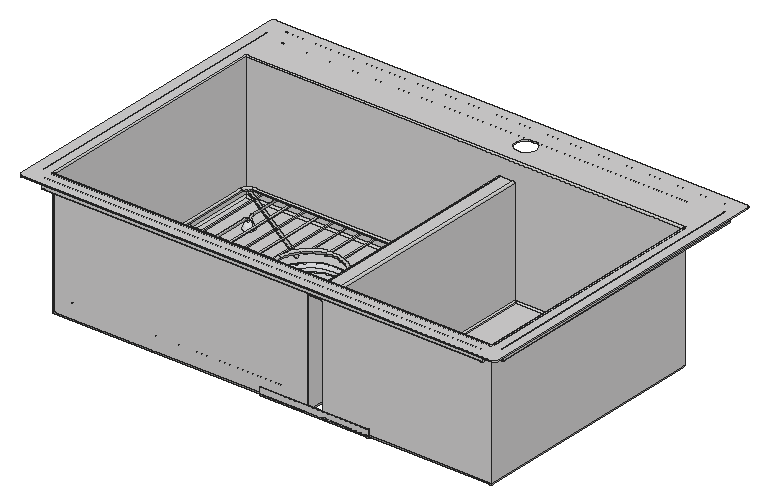
Revit family "Sink-Kitchen-KOHLER-Vault-K-3823_1", category Plumbing Fixtures, host Face, Revit 2015
Parameters (values of type "Single Hole,NA-Stainless")
  Width = 22"  # constant formula
  WaterSense Certified = 1 = 0  # no
  Waste Water Outlet 2 = "Waste Water Outlet 2"  # constant formula
  Waste Water Outlet 1 = "Waste Water Outlet 1"  # constant formula
  Waste Connection = 1 = 1  # yes
  Vent Connection = 1 = 0  # no
  Under Mount [instance] = no
  URL = "https://www.us.kohler.com/us/"
  Type = 1
  Top Mount [instance] = not(Under Mount)  # yes
  Single Faucet Hole = Type = 1  # yes
  Product Page URL = "http://www.us.kohler.com/us/catalog/productDetails.jsp?productNumber=3823-1"
  Product Name = "Vault"  # constant formula
  Product Documentation Link = "https://www.us.kohler.com/webassets/kpna/catalog/pdf/en/K-3823-1_spec.pdf"
  Model = if(Type = 1, "K-3823-1-NA", if(Type = 2, "K-3823-4-NA", if(Type = 3, "K-3823-3-NA", "NA")))  # "K-3823-1-NA"
  Material = "18-Gauge Stainless Steel"  # constant formula
  MasterFormat 2004 = "22.41.16"  # constant formula
  MasterFormat 1995 = "15410"  # constant formula
  Manufacturer Address = "444 Highland Dr, Kohler, WI 53044"  # constant formula
  Manufacturer = "KOHLER Co."  # constant formula
  Length = 33"  # constant formula
  Hot Water Inlet = "Hot Water Inlet"  # constant formula
  Height = 9 5/16"  # constant formula
  HW Connection = 1 = 0  # no
  Fourth Hole = if([4 Faucet Hole], 6 1/2", 0")  # 0"
  Finish = Kohler-Metal-NA-Stainless
  Faucet Hole Spacing = if(or([3 Faucet Hole], [4 Faucet Hole]), 8", 0")  # 0"
  Environmental Product Declaration = ""
  Drain Included = 1 = 0  # no
  Description = if(Single Faucet Hole, "33 inch x 22 inch x 9-5/16 inch top-/under-mount large/medium double-bowl kitchen sink with single faucet hole", if([4 Faucet Hole], "33 inch x 22 inch x 9-5/16 inch top-/under-mount large/medium double-bowl kitchen sink with 4 faucet hole", if([3 Faucet Hole], "33 inch x 22 inch x 9-5/16 inch top-/under-mount large/medium double-bowl kitchen sink with 3 faucet hole", "NA")))  # "33 inch x 22 inch x 9-5/16 inch top-/under-mount large/medium double-bowl kitchen sink with single faucet hole"
  Depth [instance] = if(Under Mount, 1 1/16", 0")  # 0"
  Default Elevation = 36"
  Declare Label = ""
  Date Modified = "04/22/2019"  # constant formula
  Date Created = "04/22/2019"  # constant formula
  Copyright = "Copyright KOHLER Co."  # constant formula
  Contact Us = "https://www.us.kohler.com/us/static/contact.jsp"
  Cold Water Inlet = "Cold Water Inlet"  # constant formula
  CW Connection = 1 = 0  # no
  Assembly Code = "D2010400"
  ADA Compliant = 1 = 0  # no
  3 Faucet Hole = Type = 3  # no
  4 Faucet Hole = Type = 2  # no
Reference planes (in)
  plane 1 "Center (Front/Back)": y = 0
  plane 2: z = 0
  plane 3 "Center (Left/Right)": x = 0
  plane 4: x = 2.9375
  plane 5: x = 16.5
  plane 6: x = -16.5
  plane 7: y = 11
  plane 8: y = 8.5625
  plane 9: y = 6.9375
  plane 10: y = -11
  plane 11: y = 1.5
  plane 12: x = -6.375
  plane 13: x = 9.3125
  plane 14: z = -9.25
  plane 15: x = 16.5
  plane 16: z = 0
  plane 17: z = -11.93722
  plane 18: z = 0.0625
  plane 19: z = -0.6022
  plane 20: x = 2.9375
  plane 21: x = 2.9375
  plane 22: x = 2.9375
Forms (in)
  Extrusion 1, void
    sketch origin (0, 0, 0) x (1, 0, 0) y (0, 1, 0)
      loop
        line (-15.18281, 6.973) -> (-15.18281, -9.67164) -> (15.18117, -9.67164) -> (15.18117, 6.973) -> (-15.18281, 6.973)
    from -2.77768 to 0
  Extrusion 2, void
    sketch origin (0, 0, 0) x (1, 0, 0) y (0, 1, 0)
      loop
        line (16.26474, -10.51909) -> (16.26474, 10.50688)
        arc (16.26474, 10.50688) -> (16.19152, 10.68366) -> (16.01474, 10.75688) r 0.25
        line (16.01474, 10.75688) -> (-16.04465, 10.75688)
        arc (-16.04465, 10.75688) -> (-16.22143, 10.68366) -> (-16.29465, 10.50688) r 0.25
        line (-16.29465, 10.50688) -> (-16.29465, -10.51909)
        arc (-16.29465, -10.51909) -> (-16.22143, -10.69587) -> (-16.04465, -10.76909) r 0.25
        line (-16.04465, -10.76909) -> (16.01474, -10.76909)
        arc (16.01474, -10.76909) -> (16.19152, -10.69587) -> (16.26474, -10.51909) r 0.25
    from -11.93722 to 0
Dimensions and locks (in)
  "Length": plane 6 to plane 15
  "Width": plane 10 to plane 7
  plane 8 to plane 7 = 2 7/16"
  plane 9 to plane 7 = 4 1/16"
  plane 11 to plane 7 = 9 1/2"
  plane 12 to plane 4 = 9 5/16"
  plane 4 to plane 13 = 6 3/8"
  locked: plane 14 to plane 17 at 2.68722
  "Height": plane 18 to plane 14
  "Depth": level to plane 16
  locked: plane 18 to plane 16 at 0.0625
  locked: plane 18 to plane 19 at 0.6647
  equal spacing: plane 20, plane 4, plane 21
  "Faucet Hole Spacing": plane 20 to plane 21
  "Fourth Hole": plane 21 to plane 22
  plane 4 to plane 15 = 13 9/16"
  plane 6 to plane 4 = 19 7/16"
  aligned and locked: plane 2 to host face
  aligned and locked: plane 8 to nested 1
  aligned and locked: plane 16 to nested 1
  aligned and locked: plane 16 to Extrusion 2
  aligned and locked: plane 17 to Extrusion 2
Automatic sketch dimensions
  host sketch curve to host sketch curve = 96"  (x2)
  plane 6 to Extrusion 1 sketch curve = 1.31719"
  plane 5 to Extrusion 1 sketch curve = 1.31883"
  plane 10 to Extrusion 1 sketch curve = 1.32836"
  Extrusion 1 sketch curve to plane 9 = 0.0355"
  plane 6 to Extrusion 2 sketch curve = 0.20535"
  plane 7 to Extrusion 2 sketch curve = 0.24312"
  plane 10 to Extrusion 2 sketch curve = 0.23091"
  plane 5 to Extrusion 2 sketch curve = 0.23526"
  plane 6 to Extrusion 2 sketch curve = 0.45535"  (x2)
  Extrusion 2 sketch curve to Extrusion 2 sketch curve = 1/4"  (x2)
Nested families (in)
  nested 1: "K-3823" at (0, 0, 0), type "K-3823"
Connectors (in)
  piping at (-6.375, 1.5, -11.93722), diameter 1.5, driven by "Waste Connection", driven by "Waste Water Outlet 1"
    settings: on nested 1, index 1, connector inside diameter 24", connector length 0", flow factor 0, pipe flow 0 GPM, pressure drop 0.00 psi, fitting loss kfactor 0, connector angle 0.00°, fixture units 0, engagement length 0", angle of deflection 0.00°, flow configuration 0, flow direction 2, fitting loss method 0, system type 16, joint type 0, gender type 0, connector reference index -1, connector utility 1, adjustable connector no, is connector primary yes, connector description "Waste Water Outlet 1"
  piping at (9.3125, 1.5, -11.93722), diameter 1.5, driven by "Waste Connection", driven by "Waste Water Outlet 2"
    settings: on nested 1, index 2, connector inside diameter 24", connector length 0", flow factor 0, pipe flow 0 GPM, pressure drop 0.00 psi, fitting loss kfactor 0, connector angle 0.00°, fixture units 0, engagement length 0", angle of deflection 0.00°, flow configuration 0, flow direction 2, fitting loss method 0, system type 16, joint type 0, gender type 0, connector reference index -1, connector utility 1, adjustable connector no, is connector primary no, connector description "Waste Water Outlet 2"
Definition of nested family "K-3823"
  Parameters (values of type "K-3823")
    Material = none
    Dist 2 = if([4 Faucet Hole], 0", 4")  # 4"
    Dist 1 = if(or([3 Faucet Hole], [4 Faucet Hole]), 0", 4")  # 4"
    4 Faucet Hole = no
    3 Faucet Hole = no
  Reference planes (in)
    plane 1 "Center (Front/Back)": y = 0
    plane 2: z = 0
    plane 3 "Center (Left/Right)": x = 0
    plane 4: x = -16.5
    plane 5: x = 16.5
    plane 6: z = 0.0625
    plane 7: x = 2.9375
    plane 8: y = 11
    plane 9: y = 6.9375
    plane 10: y = -11
    plane 11: y = 1.5
    plane 12: y = 8.5625
    plane 13: x = 9.3125
    plane 14: x = -6.375
    plane 15: x = 6.9375
    plane 16: x = -1.0625
    plane 17: x = 13.4375
    plane 18: z = -0.6022
    plane 19: y = 4.5625
    plane 20: y = 4.5625
    plane 21: z = -9.25
    plane 22: z = -11.93722
  Forms (in)
    Extrusion 1, solid, material <- "Material", detail levels medium+fine
      sketch origin (0, 0, 0) x (1, 0, 0) y (0, 1, 0)
        loop
          arc (-16.25, 11) -> (-16.42678, 10.92678) -> (-16.5, 10.75) r 0.25
          line (-16.5, 10.75) -> (-16.5, -10.75)
          arc (-16.5, -10.75) -> (-16.42678, -10.92678) -> (-16.25, -11) r 0.25
          line (-16.25, -11) -> (16.25, -11)
          arc (16.25, -11) -> (16.42678, -10.92678) -> (16.5, -10.75) r 0.25
          line (16.5, -10.75) -> (16.5, 10.75)
          arc (16.5, 10.75) -> (16.42678, 10.92678) -> (16.25, 11) r 0.25
          line (16.25, 11) -> (-16.25, 11)
        loop
          line (-15.31608, 7.11608) -> (-15.31608, -9.81608) -> (15.31608, -9.81608) -> (15.31608, 7.11608) -> (-15.31608, 7.11608)
      from 0 to 0.0625
    Extrusion 2, solid, material <- "Material", detail levels medium+fine
      sketch origin (0, 0, 0) x (0, 1, 0) y (0, 0, 1)
        loop
          line (10.22321, -0.02705) -> (10.13334, -0.18308)
          arc (10.13334, -0.18308) -> (10.12712, -0.19813) -> (10.125, -0.21427) r 0.0625
          line (10.125, -0.21427) -> (10.125, -0.54376)
          arc (10.125, -0.54376) -> (10.18226, -0.60001) -> (10.23851, -0.54376) r 0.05625
          line (10.23851, -0.54376) -> (10.23851, -0.385) -> (10.20609, -0.385) -> (10.20609, -0.54924)
          arc (10.20609, -0.54924) -> (10.1781, -0.56944) -> (10.15503, -0.54376) r 0.02582
          line (10.15503, -0.54376) -> (10.155, -0.22229)
          arc (10.155, -0.22229) -> (10.15712, -0.20615) -> (10.16334, -0.1911) r 0.0625
          line (10.16334, -0.1911) -> (10.24598, -0.04761)
          arc (10.24598, -0.04761) -> (10.25885, -0.03472) -> (10.27645, -0.03) r 0.03516
          line (10.27645, -0.03) -> (10.39956, -0.03)
          arc (10.39956, -0.03) -> (10.41628, -0.03449) -> (10.42851, -0.04674) r 0.03341
          line (10.42851, -0.04674) -> (10.51141, -0.19066)
          arc (10.51141, -0.19066) -> (10.51781, -0.20617) -> (10.52, -0.2228) r 0.0644
          line (10.52, -0.2228) -> (10.52, -0.54376)
          arc (10.52, -0.54376) -> (10.49418, -0.56959) -> (10.46835, -0.54376) r 0.02582
          line (10.46835, -0.54376) -> (10.46835, -0.385) -> (10.4375, -0.385) -> (10.4375, -0.54376)
          arc (10.4375, -0.54376) -> (10.49375, -0.60001) -> (10.55, -0.54376) r 0.05625
          line (10.55, -0.54376) -> (10.55, -0.21441)
          arc (10.55, -0.21441) -> (10.54786, -0.19813) -> (10.54159, -0.18296) r 0.06301
          line (10.54159, -0.18296) -> (10.45179, -0.02705)
          arc (10.45179, -0.02705) -> (10.43202, -0.00725) -> (10.405, 0) r 0.054
          line (10.405, 0) -> (10.27, 0)
          arc (10.27, 0) -> (10.24298, -0.00725) -> (10.22321, -0.02705) r 0.054
        loop
          arc (-10.22321, -0.02705) -> (-10.24298, -0.00725) -> (-10.27, 0) r 0.054
          line (-10.27, 0) -> (-10.405, 0)
          arc (-10.405, 0) -> (-10.43202, -0.00725) -> (-10.45179, -0.02705) r 0.054
          line (-10.45179, -0.02705) -> (-10.54159, -0.18296)
          arc (-10.54159, -0.18296) -> (-10.54786, -0.19813) -> (-10.55, -0.21441) r 0.06301
          line (-10.55, -0.21441) -> (-10.55, -0.54376)
          arc (-10.55, -0.54376) -> (-10.49375, -0.60001) -> (-10.4375, -0.54376) r 0.05625
          line (-10.4375, -0.54376) -> (-10.4375, -0.385) -> (-10.46835, -0.385) -> (-10.46835, -0.54376)
          arc (-10.46835, -0.54376) -> (-10.49418, -0.56959) -> (-10.52, -0.54376) r 0.02582
          line (-10.52, -0.54376) -> (-10.52, -0.2228)
          arc (-10.52, -0.2228) -> (-10.51781, -0.20617) -> (-10.51141, -0.19066) r 0.0644
          line (-10.51141, -0.19066) -> (-10.42851, -0.04674)
          arc (-10.42851, -0.04674) -> (-10.41628, -0.03449) -> (-10.39956, -0.03) r 0.03341
          line (-10.39956, -0.03) -> (-10.27645, -0.03)
          arc (-10.27645, -0.03) -> (-10.25885, -0.03472) -> (-10.24598, -0.04761) r 0.03516
          line (-10.24598, -0.04761) -> (-10.16334, -0.1911)
          arc (-10.16334, -0.1911) -> (-10.15712, -0.20615) -> (-10.155, -0.22229) r 0.0625
          line (-10.155, -0.22229) -> (-10.15503, -0.54376)
          arc (-10.15503, -0.54376) -> (-10.1781, -0.56944) -> (-10.20609, -0.54924) r 0.02582
          line (-10.20609, -0.54924) -> (-10.20609, -0.385) -> (-10.2375, -0.385) -> (-10.2375, -0.54566)
          arc (-10.2375, -0.54566) -> (-10.18033, -0.6) -> (-10.125, -0.54376) r 0.05625
          line (-10.125, -0.54376) -> (-10.125, -0.21427)
          arc (-10.125, -0.21427) -> (-10.12712, -0.19813) -> (-10.13334, -0.18308) r 0.0625
          line (-10.13334, -0.18308) -> (-10.22321, -0.02705)
      from -15.25 to 15.25
    Extrusion 3, solid, material <- "Material", detail levels medium+fine
      sketch origin (0, 0, 0) x (1, 0, 0) y (0, 0, 1)
        loop
          line (16.05, -0.54376) -> (16.05, -0.21741)
          arc (16.05, -0.21741) -> (16.04748, -0.19823) -> (16.0401, -0.18036) r 0.07422
          line (16.0401, -0.18036) -> (15.95111, -0.02587)
          arc (15.95111, -0.02587) -> (15.93221, -0.00693) -> (15.90636, 0) r 0.05165
          line (15.90636, 0) -> (15.76814, 0)
          arc (15.76814, 0) -> (15.74273, -0.00682) -> (15.72413, -0.02544) r 0.05078
          line (15.72413, -0.02544) -> (15.6351, -0.18003)
          arc (15.6351, -0.18003) -> (15.62757, -0.19825) -> (15.625, -0.21779) r 0.07565
          line (15.625, -0.21779) -> (15.625, -0.54376)
          arc (15.625, -0.54376) -> (15.68372, -0.60248) -> (15.74243, -0.54376) r 0.05872
          line (15.74243, -0.54376) -> (15.74243, -0.385) -> (15.7075, -0.385) -> (15.7075, -0.54376)
          arc (15.7075, -0.54376) -> (15.68125, -0.57001) -> (15.655, -0.54376) r 0.02625
          line (15.655, -0.54376) -> (15.655, -0.22229)
          arc (15.655, -0.22229) -> (15.65712, -0.20615) -> (15.66334, -0.1911) r 0.0625
          line (15.66334, -0.1911) -> (15.74707, -0.04572)
          arc (15.74707, -0.04572) -> (15.75856, -0.03421) -> (15.77426, -0.03) r 0.03138
          line (15.77426, -0.03) -> (15.90145, -0.03)
          arc (15.90145, -0.03) -> (15.91653, -0.03405) -> (15.92757, -0.0451) r 0.03014
          line (15.92757, -0.0451) -> (16.01189, -0.1915)
          arc (16.01189, -0.1915) -> (16.01794, -0.20613) -> (16.02, -0.22183) r 0.06078
          line (16.02, -0.22183) -> (16.02, -0.54376)
          arc (16.02, -0.54376) -> (15.99375, -0.57001) -> (15.9675, -0.54376) r 0.02625
          line (15.9675, -0.54376) -> (15.9675, -0.385) -> (15.93257, -0.385) -> (15.93257, -0.54376)
          arc (15.93257, -0.54376) -> (15.99128, -0.60248) -> (16.05, -0.54376) r 0.05872
      from -9.77489 to 9.75
    Extrusion 4, solid, material <- "Material", detail levels medium+fine
      sketch origin (0, 0, 0) x (-1, 0, 0) y (0, 0, -1)
        loop
          arc (16.05, 0.5438) -> (15.99128, 0.60252) -> (15.93257, 0.5438) r 0.05872
          line (15.93257, 0.5438) -> (15.93257, 0.385) -> (15.9675, 0.385) -> (15.9675, 0.54376)
          arc (15.9675, 0.54376) -> (15.99375, 0.57001) -> (16.02, 0.54376) r 0.02625
          line (16.02, 0.54376) -> (16.02, 0.22183)
          arc (16.02, 0.22183) -> (16.01794, 0.20613) -> (16.01189, 0.1915) r 0.06078
          line (16.01189, 0.1915) -> (15.92757, 0.0451)
          arc (15.92757, 0.0451) -> (15.91653, 0.03405) -> (15.90145, 0.03) r 0.03014
          line (15.90145, 0.03) -> (15.77426, 0.03)
          arc (15.77426, 0.03) -> (15.75856, 0.03421) -> (15.74707, 0.04572) r 0.03138
          line (15.74707, 0.04572) -> (15.66334, 0.1911)
          arc (15.66334, 0.1911) -> (15.65712, 0.20615) -> (15.655, 0.22229) r 0.0625
          line (15.655, 0.22229) -> (15.655, 0.54376)
          arc (15.655, 0.54376) -> (15.68125, 0.57001) -> (15.7075, 0.54376) r 0.02625
          line (15.7075, 0.54376) -> (15.7075, 0.385) -> (15.74243, 0.385) -> (15.74243, 0.54376)
          arc (15.74243, 0.54376) -> (15.68372, 0.60248) -> (15.625, 0.54376) r 0.05872
          line (15.625, 0.54376) -> (15.625, 0.21779)
          arc (15.625, 0.21779) -> (15.62757, 0.19825) -> (15.6351, 0.18003) r 0.07565
          line (15.6351, 0.18003) -> (15.72413, 0.02544)
          arc (15.72413, 0.02544) -> (15.74273, 0.00682) -> (15.76814, 0) r 0.05078
          line (15.76814, 0) -> (15.90636, 0)
          arc (15.90636, 0) -> (15.93221, 0.00693) -> (15.95111, 0.02587) r 0.05165
          line (15.95111, 0.02587) -> (16.0401, 0.18036)
          arc (16.0401, 0.18036) -> (16.04748, 0.19823) -> (16.05, 0.21741) r 0.07422
          line (16.05, 0.21741) -> (16.05, 0.5438)
      from -9.77489 to 9.75
    Sweep 5, solid, material <- "Material", detail levels medium+fine
      path in 3D
        loop
          line (-15.25, -9.75, 0.0625) -> (-15.25, 7.05, 0.0625) -> (15.25, 7.05, 0.0625) -> (15.25, -9.75, 0.0625) -> (-15.25, -9.75, 0.0625)
      profile origin (0, -9.75, 0.0625) x (0, -1, 0) y (0, 0, 1)
        loop
          line (-0.125, -0.09385) -> (-0.125, -8.57659)
          arc (-0.125, -8.57659) -> (-0.15979, -8.66056) -> (-0.24376, -8.69535) r 0.11876
          line (-0.24376, -8.69535) -> (-0.28386, -8.69535) -> (-0.28386, -8.74352) -> (-0.25064, -8.74352)
          arc (-0.25064, -8.74352) -> (-0.12786, -8.69266) -> (-0.077, -8.56988) r 0.17364
          line (-0.077, -8.56988) -> (-0.077, -0.13085)
          arc (-0.077, -0.13085) -> (-0.05698, -0.08252) -> (-0.00865, -0.0625) r 0.06835
          line (-0.00865, -0.0625) -> (0.06608, -0.0625) -> (0.06608, 0) -> (-0.03115, 0)
          arc (-0.03115, 0) -> (-0.09751, -0.02749) -> (-0.125, -0.09385) r 0.09385
    Extrusion 6, void
      sketch origin (0, 0, 0) x (1, 0, 0) y (0, 0, 1)
        loop
          arc (3.452, -1.32634) -> (3.42964, -1.27237) -> (3.37567, -1.25001) r 0.07633
          line (3.37567, -1.25001) -> (2.50113, -1.25001)
          arc (2.50113, -1.25001) -> (2.44588, -1.27289) -> (2.423, -1.32814) r 0.07813
          line (2.423, -1.32814) -> (2.423, -9.04508) -> (3.452, -9.04508) -> (3.452, -1.32634)
      from -7.24298 to 9.90734
    Extrusion 7, solid, material <- "Material", detail levels medium+fine
      sketch origin (0, 0, 0) x (1, 0, 0) y (0, 0, 1)
        loop
          arc (3.452, -8.5077) -> (3.50072, -8.62827) -> (3.61952, -8.68116) r 0.17357
          line (3.61952, -8.68116) -> (3.61952, -8.63285)
          arc (3.61952, -8.63285) -> (3.53513, -8.59908) -> (3.5, -8.51524) r 0.11762
          line (3.5, -8.51524) -> (3.5, -1.32701)
          arc (3.5, -1.32701) -> (3.46339, -1.23862) -> (3.375, -1.20201) r 0.125
          line (3.375, -1.20201) -> (2.5, -1.20201)
          arc (2.5, -1.20201) -> (2.41161, -1.23862) -> (2.375, -1.32701) r 0.125
          line (2.375, -1.32701) -> (2.375, -8.51524)
          arc (2.375, -8.51524) -> (2.33987, -8.59908) -> (2.25548, -8.63285) r 0.11762
          line (2.25548, -8.63285) -> (2.25548, -8.68116)
          arc (2.25548, -8.68116) -> (2.37428, -8.62827) -> (2.423, -8.5077) r 0.17357
          line (2.423, -8.5077) -> (2.423, -1.32814)
          arc (2.423, -1.32814) -> (2.44588, -1.27289) -> (2.50113, -1.25001) r 0.07813
          line (2.50113, -1.25001) -> (3.37567, -1.25001)
          arc (3.37567, -1.25001) -> (3.42964, -1.27237) -> (3.452, -1.32634) r 0.07633
          line (3.452, -1.32634) -> (3.452, -8.5077)
      from -6.925 to 9.625
    Blend 8, solid, material <- "Material", detail levels medium+fine
      base sketch origin (0, 0, 0) x (1, 0, 0) y (0, 1, 0)
        loop
          arc (-7.71872, -0.19899) -> (-6.36998, -0.66669) -> (-5.02303, -0.19385) r 2.1667
          arc (-5.02303, -0.19385) -> (-4.23995, 1.12594) -> (-4.52749, 2.63339) r 2.1667
          arc (-4.52749, 2.63339) -> (-6.37154, 3.66669) -> (-8.21804, 2.63776) r 2.1667
          arc (-8.21804, 2.63776) -> (-8.508, 1.1244) -> (-7.71872, -0.19899) r 2.1667
      top sketch origin (0, 0, 0) x (1, 0, 0) y (0, 1, 0)
        loop
          line (-14.96614, 6.76614) -> (-14.96614, -9.46614) -> (2.25548, -9.46614) -> (2.25548, 6.76614) -> (-14.96614, 6.76614)
      from -8.997 to -8.68103
    Blend 9, solid, material <- "Material", detail levels medium+fine
      base sketch origin (0, 0, 0) x (1, 0, 0) y (0, 1, 0)
        loop
          arc (7.7348, 2.98692) -> (7.1744, 1.14139) -> (8.30627, -0.42031) r 2.16797
          arc (8.30627, -0.42031) -> (9.32317, -0.66794) -> (10.33758, -0.41031) r 2.16797
          arc (10.33758, -0.41031) -> (11.4514, 1.14615) -> (10.89819, 2.9784) r 2.16797
          arc (10.89819, 2.9784) -> (9.31834, 3.66796) -> (7.7348, 2.98692) r 2.16797
      top sketch origin (0, 0, 0) x (1, 0, 0) y (0, 1, 0)
        loop
          line (3.61952, 6.76614) -> (3.61952, -9.46614) -> (14.96614, -9.46614) -> (14.96614, 6.76614) -> (3.61952, 6.76614)
      from -8.92555 to -8.68103
    Extrusion 10, solid, material <- "Material", detail levels medium+fine
      sketch origin (0, 0, 0) x (0, 1, 0) y (0, 0, 1)
        loop
          line (-9.721, -8.117) -> (-9.721, -8.55359)
          arc (-9.721, -8.55359) -> (-9.67226, -8.67423) -> (-9.5534, -8.72715) r 0.17366
          line (-9.5534, -8.72715) -> (-9.11707, -8.74238) -> (-9.11526, -8.69056) -> (-9.50765, -8.67991)
          arc (-9.50765, -8.67991) -> (-9.62484, -8.62855) -> (-9.673, -8.51001) r 0.16996
          line (-9.673, -8.51001) -> (-9.673, -8.117) -> (-9.721, -8.117)
      from -0.8125 to 6.6875
    Extrusion 11, solid, material <- "Material", detail levels medium+fine
      sketch origin (0, -2.69922, 0) x (0, -1, 0) y (0, 0, -1)
        loop
          line (-9.721, 8.117) -> (-9.67222, 8.117) -> (-9.67222, 8.49805)
          arc (-9.67222, 8.49805) -> (-9.62688, 8.61517) -> (-9.51451, 8.67126) r 0.17397
          line (-9.51451, 8.67126) -> (-9.1159, 8.70868) -> (-9.11794, 8.76715) -> (-9.51051, 8.73029)
          arc (-9.51051, 8.73029) -> (-9.66049, 8.65544) -> (-9.721, 8.49912) r 0.23219
          line (-9.721, 8.49912) -> (-9.721, 8.117)
      from -0.8125 to 6.6875
    Extrusion 12, solid, material <- "Material", detail levels medium+fine
      sketch origin (0, 0, 0) x (1, 0, 0) y (0, 0, 1)
        loop
          circle (-2.94217, -7.89895) r 0.05252
        loop
          circle (-1.96561, -7.89895) r 0.05252
        loop
          circle (-0.98124, -7.89895) r 0.05252
        loop
          circle (-6.86121, -7.89895) r 0.05252
        loop
          circle (-5.88465, -7.89895) r 0.05252
        loop
          circle (-4.90028, -7.89895) r 0.05252
        loop
          circle (-3.92371, -7.89895) r 0.05252
        loop
          circle (-10.7807, -7.89895) r 0.05252
        loop
          circle (-9.80414, -7.89895) r 0.05252
        loop
          circle (-8.81976, -7.89895) r 0.05252
        loop
          circle (-7.8432, -7.89895) r 0.05252
        loop
          circle (-11.76709, -7.89895) r 0.05252
        loop
          circle (0.97189, -7.89895) r 0.05252
        loop
          circle (-13.72022, -7.89895) r 0.05252
      from -6.52 to 9.23
    Sweep 13, solid, material <- "Material", detail levels medium+fine
      path origin (0, 0, 0) x (1, 0, 0) y (0, 1, 0)
        loop
          arc (-14.25579, 6.61652) -> (-14.67288, 6.44376) -> (-14.84564, 6.02668) r 0.58984
          line (-14.84564, 6.02668) -> (-14.84564, -8.73468)
          arc (-14.84564, -8.73468) -> (-14.67288, -9.15177) -> (-14.25579, -9.32453) r 0.58984
          line (-14.25579, -9.32453) -> (1.50579, -9.32453)
          arc (1.50579, -9.32453) -> (1.92288, -9.15177) -> (2.09564, -8.73468) r 0.58984
          line (2.09564, -8.73468) -> (2.09564, 6.02567)
          arc (2.09564, 6.02567) -> (1.92258, 6.44346) -> (1.50478, 6.61652) r 0.59085
          line (1.50478, 6.61652) -> (-14.25579, 6.61652)
      profile origin (-6.37551, 6.61652, 0) x (0, 1, 0) y (0, 0, 1)
        loop
          circle (-0.09652, -7.75201) r 0.09374
    Sweep 14, solid, material <- "Material", detail levels medium+fine
      path origin (0, 0, 0) x (1, 0, 0) y (0, 1, 0)
        loop
          circle (-6.375, 1.5) r 2
      profile origin (-6.375, 3.5, 0) x (0, -1, 0) y (0, 0, 1)
        loop
          circle (-0.11088, -7.75198) r 0.09437
    Extrusion 15, solid, material <- "Material", detail levels medium+fine
      sketch origin (-3.67948, -4.46865, 0) x (0.792874, 0.609386, 0) y (0, 0, 1)
        loop
          circle (1.52052, -8.04479) r 0.09356
      from -4.39912 to 7.10935
    Extrusion 16, solid, material <- "Material", detail levels medium+fine
      sketch origin (-0.16534, 3.58104, 0) x (-0.526481, 0.850187, 0) y (0, 0, 1)
        loop
          circle (1.52052, -8.04479) r 0.09356
      from -4.25726 to 3.12294
    Extrusion 17, solid, material <- "Material", detail levels medium+fine
      sketch origin (0, -0.02148, 0) x (0, 1, 0) y (0, 0, 1)
        loop
          circle (1.52088, -8.04327) r 0.09282
      from -4.2031 to 2.08918
    Extrusion 18, solid, material <- "Material", detail levels medium+fine
      sketch origin (-12.58466, 3.58104, 0) x (0.526481, 0.850187, 0) y (0, 0, -1)
        loop
          circle (1.52052, 8.04479) r 0.09356
      from -4.25726 to 3.13525
    Extrusion 19, solid, material <- "Material", detail levels medium+fine
      sketch origin (-9.07052, -4.46865, 0) x (-0.792874, 0.609386, 0) y (0, 0, -1)
        loop
          circle (1.52052, 8.04479) r 0.09356
      from -4.42599 to 7.1015
    Extrusion 20, solid, material <- "Material", detail levels medium+fine
      sketch origin (-12.75, -0.02148, 0) x (0, 1, 0) y (0, 0, -1)
        loop
          circle (1.52088, 8.04327) r 0.09282
      from -4.2031 to 2.08847
    Revolve 21, solid, detail levels medium+fine
      sketch origin (0, -8.48828, 0.05469) x (1, 0, 0) y (0, 0, 1)
        loop
          line (-0.00467, -8.14125) -> (-0.00467, -8.69056) -> (0.35535, -8.69056)
          arc (0.35535, -8.69056) -> (0.27481, -8.41718) -> (0.15334, -8.15936) r 1.85524
          arc (0.15334, -8.15936) -> (0.14021, -8.14611) -> (0.1222, -8.14125) r 0.03582
          line (0.1222, -8.14125) -> (-0.00467, -8.14125)
        axis (-0.00467, -8.69056) -> (-0.00467, -8.14125)
      angle from 0 to 360
    Revolve 22, solid, detail levels medium+fine
      sketch origin (0, 4.23047, 0.05469) x (1, 0, 0) y (0, 0, 1)
        loop
          line (-0.00467, -8.14125) -> (-0.00467, -8.69056) -> (0.35535, -8.69056)
          arc (0.35535, -8.69056) -> (0.27481, -8.41718) -> (0.15334, -8.15936) r 1.85524
          arc (0.15334, -8.15936) -> (0.14021, -8.14611) -> (0.1222, -8.14125) r 0.03582
          line (0.1222, -8.14125) -> (-0.00467, -8.14125)
        axis (-0.00467, -8.69056) -> (-0.00467, -8.14125)
      angle from 0 to 360
    Revolve 23, solid, detail levels medium+fine
      sketch origin (-12.75, -8.48828, 0.05469) x (-1, 0, 0) y (0, 0, -1)
        loop
          line (-0.00467, 8.14125) -> (0.1222, 8.14125)
          arc (0.1222, 8.14125) -> (0.14021, 8.14611) -> (0.15334, 8.15936) r 0.03582
          arc (0.15334, 8.15936) -> (0.27481, 8.41718) -> (0.35535, 8.69056) r 1.85524
          line (0.35535, 8.69056) -> (-0.00467, 8.69056) -> (-0.00467, 8.14125)
        axis (-0.00467, 8.69056) -> (-0.00467, 8.14125)
      angle from 0 to 360
    Revolve 24, solid, detail levels medium+fine
      sketch origin (-12.75, 4.23047, 0.05469) x (-1, 0, 0) y (0, 0, -1)
        loop
          line (-0.00467, 8.14125) -> (0.1222, 8.14125)
          arc (0.1222, 8.14125) -> (0.14021, 8.14611) -> (0.15334, 8.15936) r 0.03582
          arc (0.15334, 8.15936) -> (0.27481, 8.41718) -> (0.35535, 8.69056) r 1.85524
          line (0.35535, 8.69056) -> (-0.00467, 8.69056) -> (-0.00467, 8.14125)
        axis (-0.00467, 8.69056) -> (-0.00467, 8.14125)
      angle from 0 to 360
    Revolve 25, solid, detail levels medium+fine
      sketch origin (2.9375, 1.49681, 0) x (-1, 0, 0) y (0, 0, -1)
        loop
          line (9.313, 8.56651) -> (9.57475, 8.56651)
          arc (9.57475, 8.56651) -> (9.60583, 8.59759) -> (9.57475, 8.62867) r 0.03108
          line (9.57475, 8.62867) -> (9.36766, 8.62867) -> (9.36766, 8.9672) -> (11.21799, 8.9672)
          arc (11.21799, 8.9672) -> (11.24958, 8.95754) -> (11.27036, 8.93187) r 0.05648
          line (11.27036, 8.93187) -> (11.33848, 8.76328)
          arc (11.33848, 8.76328) -> (11.42721, 8.64655) -> (11.5629, 8.59097) r 0.27888
          arc (11.5629, 8.59097) -> (11.5923, 8.61205) -> (11.57368, 8.64306) r 0.02668
          arc (11.57368, 8.64306) -> (11.38013, 8.7774) -> (11.30571, 9.00095) r 0.37298
          line (11.30571, 9.00095) -> (11.30571, 9.20942) -> (9.313, 9.20942) -> (9.313, 8.56651)
        axis (9.313, 9.20942) -> (9.313, 8.56651)
      angle from 0 to 360
    Extrusion 26, void, detail levels medium+fine
      sketch origin (0, 0, 0) x (1, 0, 0) y (0, 1, 0)
        loop
          circle (2.9375, 8.5625) r 0.71875
      from -0.385 to 1.1899
    Extrusion 27, void, detail levels medium+fine
      sketch origin (0, 0, 0) x (1, 0, 0) y (0, 1, 0)
        loop
          circle (-1.0625, 4.5625) r 0.71875
        loop
          circle (6.9375, 4.5625) r 0.71875
      from 0 to 1.1899
    Extrusion 28, void, detail levels medium+fine
      sketch origin (0, 0, 0) x (1, 0, 0) y (0, 1, 0)
        loop
          circle (13.4375, 4.5625) r 0.71875
      from -0.67326 to 0.58289
    Extrusion 29, solid, material <- "Material", detail levels coarse
      sketch origin (0, 0, 0) x (1, 0, 0) y (0, 1, 0)
        loop
          line (15.12523, 6.92528) -> (-15.12332, 6.92528) -> (-15.12332, -9.62331) -> (15.12523, -9.62331) -> (15.12523, 6.92528)
        loop
          line (15.24974, 7.04975) -> (-15.24974, 7.04975) -> (-15.24974, -9.74975) -> (15.24974, -9.74975) -> (15.24974, 7.04975)
      from -9.25 to 0
    Extrusion 30, solid, material <- "Material", detail levels coarse
      sketch origin (0, 0, 0) x (1, 0, 0) y (0, 1, 0)
        loop
          line (15.12523, 6.92528) -> (-15.12332, 6.92528) -> (-15.12332, -9.62331) -> (15.12523, -9.62331) -> (15.12523, 6.92528)
        loop
          line (-16.5049, 11.0049) -> (-16.5049, -11.00108) -> (16.50297, -11.00108) -> (16.50297, 11.0049) -> (-16.5049, 11.0049)
      from 0 to 0.0625
    Extrusion 31, solid, material <- "Material", detail levels coarse
      sketch origin (0, 0, 0) x (1, 0, 0) y (0, 1, 0)
        loop
          line (-15.12332, 6.92528) -> (-15.12332, -9.62331) -> (2.375, -9.62331) -> (2.375, 6.92528) -> (-15.12332, 6.92528)
        loop
          line (3.49574, -9.62331) -> (15.12671, -9.62331) -> (15.12671, 6.92666) -> (3.49574, 6.92666) -> (3.49574, -9.62331)
      from -9.25 to -8.95225
    Extrusion 32, solid, material <- "Material", detail levels coarse
      sketch origin (0, 0, 0) x (1, 0, 0) y (0, 1, 0)
        loop
          line (2.375, 6.925) -> (2.375, -9.62331) -> (3.49574, -9.62331) -> (3.49574, 6.925) -> (2.375, 6.925)
      from -9.25 to -1.20201
    Sweep 33, solid, material <- "Material", detail levels medium+fine
      path origin (0, 0, 0) x (0, 1, 0) y (0, 0, 1)
        loop
          line (6.52, -7.84643) -> (4.50955, -7.84643)
          arc (4.50955, -7.84643) -> (4.33277, -7.91965) -> (4.25955, -8.09643) r 0.25
          line (4.25955, -8.09643) -> (4.25955, -8.28503)
      profile origin (0, 5.51478, -7.84643) x (0, 0, -1) y (1, 0, 0)
        loop
          circle (0.05252, -0.00467) r 0.05252
    Sweep 34, solid, material <- "Material", detail levels medium+fine
      path origin (0, 8.46094, 0) x (0, -1, 0) y (0, 0, 1)
        loop
          line (16.92014, -8.28503) -> (16.92014, -8.09643)
          arc (16.92014, -8.09643) -> (16.84691, -7.91965) -> (16.67014, -7.84643) r 0.25
          line (16.67014, -7.84643) -> (4.50955, -7.84643)
          arc (4.50955, -7.84643) -> (4.33277, -7.91965) -> (4.25955, -8.09643) r 0.25
          line (4.25955, -8.09643) -> (4.25955, -8.28503)
      profile origin (0, -2.12891, -7.84643) x (0, 0, 1) y (1, 0, 0)
        loop
          circle (-0.05252, -0.00467) r 0.05252
    Sweep 35, solid, material <- "Material", detail levels medium+fine
      path origin (0, -25.4375, 0) x (0, 1, 0) y (0, 0, 1)
        loop
          line (16.92014, -8.28503) -> (16.92014, -8.09643)
          arc (16.92014, -8.09643) -> (16.84691, -7.91965) -> (16.67014, -7.84643) r 0.25
          line (16.67014, -7.84643) -> (16.2075, -7.84643)
      profile origin (0, -8.99868, -7.84643) x (0, 0, -1) y (1, 0, 0)
        loop
          circle (0.05252, -0.00467) r 0.05252
    Sweep 36, solid, material <- "Material", detail levels medium+fine
      path origin (-12.75, 0, 0) x (0, 1, 0) y (0, 0, -1)
        loop
          line (6.52, 7.84643) -> (4.50955, 7.84643)
          arc (4.50955, 7.84643) -> (4.33277, 7.91965) -> (4.25955, 8.09643) r 0.25
          line (4.25955, 8.09643) -> (4.25955, 8.28503)
      profile origin (-12.75, 5.51478, -7.84643) x (0, 0, 1) y (-1, 0, 0)
        loop
          circle (-0.05252, -0.00467) r 0.05252
    Sweep 37, solid, material <- "Material", detail levels medium+fine
      path origin (-12.75, 8.46094, 0) x (0, -1, 0) y (0, 0, 1)
        loop
          line (16.92014, -8.28503) -> (16.92014, -8.09643)
          arc (16.92014, -8.09643) -> (16.84691, -7.91965) -> (16.67014, -7.84643) r 0.25
          line (16.67014, -7.84643) -> (4.50955, -7.84643)
          arc (4.50955, -7.84643) -> (4.33277, -7.91965) -> (4.25955, -8.09643) r 0.25
          line (4.25955, -8.09643) -> (4.25955, -8.28503)
      profile origin (-12.75, -2.12891, -7.84643) x (0, 0, -1) y (-1, 0, 0)
        loop
          circle (0.05252, -0.00467) r 0.05252
    Sweep 38, solid, material <- "Material", detail levels medium+fine
      path origin (-12.75, -25.4375, 0) x (0, 1, 0) y (0, 0, -1)
        loop
          line (16.92014, 8.28503) -> (16.92014, 8.09643)
          arc (16.92014, 8.09643) -> (16.84691, 7.91965) -> (16.67014, 7.84643) r 0.25
          line (16.67014, 7.84643) -> (16.2075, 7.84643)
      profile origin (-12.75, -8.99868, -7.84643) x (0, 0, 1) y (-1, 0, 0)
        loop
          circle (-0.05252, -0.00467) r 0.05252
    Revolve 39, void
      sketch origin (0, 1.5, 0) x (1, 0, 0) y (0, 0, 1)
        loop
          arc (-8.7552, -8.63285) -> (-8.47761, -8.75686) -> (-8.38474, -9.04636) r 0.3727
          line (-8.38474, -9.04636) -> (-6.375, -9.04636) -> (-6.375, -8.63285) -> (-8.7552, -8.63285)
        axis (-6.375, -8.63285) -> (-6.375, -9.04636)
      angle from 0 to 360
    Extrusion 40, void
      sketch origin (0, 0, 0) x (1, 0, 0) y (0, 1, 0)
        loop
          circle (-6.375, 1.5) r 2.0794
      from -8.4398 to 12
    Revolve 41, void
      sketch origin (0, 1.5, 0) x (1, 0, 0) y (0, 0, 1)
        loop
          arc (6.9323, -8.63285) -> (7.20989, -8.75686) -> (7.30276, -9.04636) r 0.3727
          line (7.30276, -9.04636) -> (9.3125, -9.04636) -> (9.3125, -8.63285) -> (6.9323, -8.63285)
        axis (9.3125, -8.63285) -> (9.3125, -9.04636)
      angle from 0 to 360
    Extrusion 42, void
      sketch origin (0, 0, 0) x (1, 0, 0) y (0, 1, 0)
        loop
          circle (-7.65556, 1.5) r 0.09468
        loop
          circle (-7.62392, 1.78428) r 0.09468
        loop
          circle (-7.52892, 2.05511) r 0.09468
        loop
          circle (-7.37696, 2.29886) r 0.09468
        loop
          circle (-7.17336, 2.50126) r 0.09468
        loop
          circle (-6.9306, 2.65306) r 0.09468
        loop
          circle (-6.66014, 2.74692) r 0.09468
        loop
          circle (-6.37466, 2.78124) r 0.09468
        loop
          circle (-6.37421, 2.45297) r 0.09468
        loop
          circle (-6.66838, 2.40967) r 0.09468
        loop
          circle (-6.93463, 2.26997) r 0.09468
        loop
          circle (-7.14603, 2.05858) r 0.09468
        loop
          circle (-7.28092, 1.79458) r 0.09468
        loop
          circle (-7.32809, 1.50105) r 0.09468
        loop
          circle (-7.00595, 1.5) r 0.09468
        loop
          circle (-6.91714, 1.81262) r 0.09468
        loop
          circle (-6.68797, 2.04075) r 0.09468
        loop
          circle (-6.375, 2.12509) r 0.09468
        loop
          circle (-5.09444, 1.5) r 0.09468
        loop
          circle (-5.12608, 1.78428) r 0.09468
        loop
          circle (-5.22108, 2.05511) r 0.09468
        loop
          circle (-5.37304, 2.29886) r 0.09468
        loop
          circle (-5.57664, 2.50126) r 0.09468
        loop
          circle (-5.8194, 2.65306) r 0.09468
        loop
          circle (-6.08986, 2.74692) r 0.09468
        loop
          circle (-6.08162, 2.40967) r 0.09468
        loop
          circle (-5.81537, 2.26997) r 0.09468
        loop
          circle (-5.60397, 2.05858) r 0.09468
        loop
          circle (-5.46908, 1.79458) r 0.09468
        loop
          circle (-5.42191, 1.50105) r 0.09468
        loop
          circle (-5.74405, 1.5) r 0.09468
        loop
          circle (-5.83286, 1.81262) r 0.09468
        loop
          circle (-6.06203, 2.04075) r 0.09468
        loop
          circle (-7.62392, 1.21572) r 0.09468
        loop
          circle (-7.52892, 0.94489) r 0.09468
        loop
          circle (-7.37696, 0.70114) r 0.09468
        loop
          circle (-7.17336, 0.49874) r 0.09468
        loop
          circle (-6.9306, 0.34694) r 0.09468
        loop
          circle (-6.66014, 0.25308) r 0.09468
        loop
          circle (-6.37466, 0.21876) r 0.09468
        loop
          circle (-6.37421, 0.54703) r 0.09468
        loop
          circle (-6.66838, 0.59033) r 0.09468
        loop
          circle (-6.93463, 0.73003) r 0.09468
        loop
          circle (-7.14603, 0.94142) r 0.09468
        loop
          circle (-7.28092, 1.20542) r 0.09468
        loop
          circle (-6.91714, 1.18738) r 0.09468
        loop
          circle (-6.68797, 0.95925) r 0.09468
        loop
          circle (-6.375, 0.87491) r 0.09468
        loop
          circle (-5.12608, 1.21572) r 0.09468
        loop
          circle (-5.22108, 0.94489) r 0.09468
        loop
          circle (-5.37304, 0.70114) r 0.09468
        loop
          circle (-5.57664, 0.49874) r 0.09468
        loop
          circle (-5.8194, 0.34694) r 0.09468
        loop
          circle (-6.08986, 0.25308) r 0.09468
        loop
          circle (-6.08162, 0.59033) r 0.09468
        loop
          circle (-5.81537, 0.73003) r 0.09468
        loop
          circle (-5.60397, 0.94142) r 0.09468
        loop
          circle (-5.46908, 1.20542) r 0.09468
        loop
          circle (-5.83286, 1.18738) r 0.09468
        loop
          circle (-6.06203, 0.95925) r 0.09468
      from -12.2269 to -6.76374
    Revolve 43, solid, detail levels medium+fine
      sketch origin (2.9375, 1.49681, 0) x (1, 0, 0) y (0, 0, 1)
        loop
          line (6.375, -8.56651) -> (6.375, -9.20942) -> (8.36656, -9.20942) -> (8.36656, -9.00049)
          arc (8.36656, -9.00049) -> (8.44097, -8.77694) -> (8.63453, -8.64259) r 0.37298
          arc (8.63453, -8.64259) -> (8.65314, -8.61158) -> (8.62375, -8.59051) r 0.02668
          arc (8.62375, -8.59051) -> (8.48806, -8.64609) -> (8.39932, -8.76282) r 0.27888
          line (8.39932, -8.76282) -> (8.30892, -8.98656)
          arc (8.30892, -8.98656) -> (8.28814, -9.01223) -> (8.25655, -9.02188) r 0.05648
          line (8.25655, -9.02188) -> (6.42966, -9.02188) -> (6.42966, -8.62867) -> (6.63675, -8.62867)
          arc (6.63675, -8.62867) -> (6.66783, -8.59759) -> (6.63675, -8.56651) r 0.03108
          line (6.63675, -8.56651) -> (6.375, -8.56651)
        axis (6.375, -9.20942) -> (6.375, -8.56651)
      angle from 0 to 360
    Extrusion 44, void
      sketch origin (0, 0, 0) x (1, 0, 0) y (0, 1, 0)
        loop
          circle (8.0316, 1.5) r 0.09468
        loop
          circle (8.06324, 1.78428) r 0.09468
        loop
          circle (8.15824, 2.05511) r 0.09468
        loop
          circle (8.3102, 2.29886) r 0.09468
        loop
          circle (8.5138, 2.50126) r 0.09468
        loop
          circle (8.75656, 2.65306) r 0.09468
        loop
          circle (9.02701, 2.74692) r 0.09468
        loop
          circle (9.3125, 2.78124) r 0.09468
        loop
          circle (9.31295, 2.45297) r 0.09468
        loop
          circle (9.01878, 2.40967) r 0.09468
        loop
          circle (8.75252, 2.26997) r 0.09468
        loop
          circle (8.54113, 2.05858) r 0.09468
        loop
          circle (8.40623, 1.79458) r 0.09468
        loop
          circle (8.35906, 1.50105) r 0.09468
        loop
          circle (8.68121, 1.5) r 0.09468
        loop
          circle (8.77001, 1.81262) r 0.09468
        loop
          circle (8.99919, 2.04075) r 0.09468
        loop
          circle (9.31216, 2.12509) r 0.09468
        loop
          circle (10.59271, 1.5) r 0.09468
        loop
          circle (10.56108, 1.78428) r 0.09468
        loop
          circle (10.46608, 2.05511) r 0.09468
        loop
          circle (10.31412, 2.29886) r 0.09468
        loop
          circle (10.11052, 2.50126) r 0.09468
        loop
          circle (9.86776, 2.65306) r 0.09468
        loop
          circle (9.5973, 2.74692) r 0.09468
        loop
          circle (9.60554, 2.40967) r 0.09468
        loop
          circle (9.87179, 2.26997) r 0.09468
        loop
          circle (10.08319, 2.05858) r 0.09468
        loop
          circle (10.21808, 1.79458) r 0.09468
        loop
          circle (10.26525, 1.50105) r 0.09468
        loop
          circle (9.9431, 1.5) r 0.09468
        loop
          circle (9.8543, 1.81262) r 0.09468
        loop
          circle (9.62512, 2.04075) r 0.09468
        loop
          circle (8.06324, 1.21572) r 0.09468
        loop
          circle (8.15824, 0.94489) r 0.09468
        loop
          circle (8.3102, 0.70114) r 0.09468
        loop
          circle (8.5138, 0.49874) r 0.09468
        loop
          circle (8.75656, 0.34694) r 0.09468
        loop
          circle (9.02701, 0.25308) r 0.09468
        loop
          circle (9.3125, 0.21876) r 0.09468
        loop
          circle (9.31295, 0.54703) r 0.09468
        loop
          circle (9.01878, 0.59033) r 0.09468
        loop
          circle (8.75252, 0.73003) r 0.09468
        loop
          circle (8.54113, 0.94142) r 0.09468
        loop
          circle (8.40623, 1.20542) r 0.09468
        loop
          circle (8.77001, 1.18738) r 0.09468
        loop
          circle (8.99919, 0.95925) r 0.09468
        loop
          circle (9.31216, 0.87491) r 0.09468
        loop
          circle (10.56108, 1.21572) r 0.09468
        loop
          circle (10.46608, 0.94489) r 0.09468
        loop
          circle (10.31412, 0.70114) r 0.09468
        loop
          circle (10.11052, 0.49874) r 0.09468
        loop
          circle (9.86776, 0.34694) r 0.09468
        loop
          circle (9.5973, 0.25308) r 0.09468
        loop
          circle (9.60554, 0.59033) r 0.09468
        loop
          circle (9.87179, 0.73003) r 0.09468
        loop
          circle (10.08319, 0.94142) r 0.09468
        loop
          circle (10.21808, 1.20542) r 0.09468
        loop
          circle (9.8543, 1.18738) r 0.09468
        loop
          circle (9.62512, 0.95925) r 0.09468
      from -12.22652 to -8.117
    Revolve 45, solid, material <- "Material", detail levels medium+fine
      sketch origin (0, 1.5, 0) x (1, 0, 0) y (0, 0, 1)
        loop
          line (-8.66045, -8.91039) -> (-8.42255, -9.1939)
          arc (-8.42255, -9.1939) -> (-8.38747, -9.25466) -> (-8.37529, -9.32376) r 0.20201
          line (-8.37529, -9.32376) -> (-8.37529, -10.4362)
          arc (-8.37529, -10.4362) -> (-8.31729, -10.57623) -> (-8.17725, -10.63424) r 0.19803
          line (-8.17725, -10.63424) -> (-7.69745, -10.63424)
          arc (-7.69745, -10.63424) -> (-7.55759, -10.69217) -> (-7.49966, -10.83202) r 0.19779
          line (-7.49966, -10.83202) -> (-7.49966, -11.8713)
          arc (-7.49966, -11.8713) -> (-7.48035, -11.91792) -> (-7.43374, -11.93722) r 0.06592
          line (-7.43374, -11.93722) -> (-6.37411, -11.93722) -> (-6.37411, -8.91039) -> (-8.66045, -8.91039)
        axis (-6.37411, -8.91039) -> (-6.37411, -11.93722)
      angle from 0 to 360
    Extrusion 46, solid, material <- "Material", detail levels medium+fine
      sketch origin (0, 0, 0) x (1, 0, 0) y (0, 1, 0)
        loop
          line (14.96614, 6.76614) -> (3.61952, 6.76614) -> (3.61952, -9.46614) -> (14.96614, -9.46614) -> (14.96614, 6.76614)
      from -8.68102 to -8.63285
    Extrusion 47, solid, material <- "Material", detail levels medium+fine
      sketch origin (0, 0, 0) x (1, 0, 0) y (0, 1, 0)
        loop
          line (2.25548, 6.76614) -> (-14.96614, 6.76614) -> (-14.96614, -9.46614) -> (2.25548, -9.46614) -> (2.25548, 6.76614)
      from -8.68102 to -8.63285
    Revolve 48, solid, material <- "Material", detail levels medium+fine
      sketch origin (0, 1.5, 0) x (-1, 0, 0) y (0, 0, -1)
        loop
          line (-11.65853, 8.83925) -> (-9.3125, 8.83925) -> (-9.3125, 11.93722) -> (-10.37213, 11.93722)
          arc (-10.37213, 11.93722) -> (-10.41874, 11.91792) -> (-10.43805, 11.8713) r 0.06592
          line (-10.43805, 11.8713) -> (-10.43805, 10.83202)
          arc (-10.43805, 10.83202) -> (-10.49598, 10.69217) -> (-10.63584, 10.63424) r 0.19779
          line (-10.63584, 10.63424) -> (-11.11564, 10.63424)
          arc (-11.11564, 10.63424) -> (-11.25567, 10.57623) -> (-11.31368, 10.4362) r 0.19803
          line (-11.31368, 10.4362) -> (-11.31368, 9.32376)
          arc (-11.31368, 9.32376) -> (-11.32586, 9.25466) -> (-11.36094, 9.1939) r 0.20201
          line (-11.36094, 9.1939) -> (-11.65853, 8.83925)
        axis (-9.3125, 8.83925) -> (-9.3125, 11.93722)
      angle from 0 to 360
    Extrusion 49, solid, material <- "Material", detail levels coarse
      sketch origin (0, 0, 0) x (1, 0, 0) y (0, 1, 0)
        loop
          circle (-6.375, 1.5) r 2.12831
        loop
          circle (9.3125, 1.5) r 2.12891
      from -11.93722 to -9.25
  Cuts and joins
    joined: Revolve 21, Revolve 22, Revolve 23, Revolve 24
    Extrusion 26, Extrusion 27, Extrusion 28 cuts Extrusion 30
    joined: Extrusion 29, Extrusion 30, Extrusion 31, Extrusion 32, Extrusion 49
    joined: Sweep 33, Sweep 34, Sweep 35, Sweep 36, Sweep 37, Sweep 38
    Extrusion 42 cuts Revolve 25
    Extrusion 44 cuts Revolve 43
    joined: Revolve 25, Revolve 43
    Extrusion 26, Extrusion 27, Extrusion 28, Extrusion 40 cuts Extrusion 1
    Extrusion 40 cuts Extrusion 2
    Extrusion 40 cuts Extrusion 3
    Extrusion 40 cuts Extrusion 4
    Extrusion 6, Extrusion 27, Extrusion 28, Revolve 39, Extrusion 40, Revolve 41 cuts Sweep 5
    Extrusion 27, Extrusion 28, Revolve 39, Extrusion 40 cuts Blend 8
    Extrusion 27, Extrusion 28, Extrusion 40, Revolve 41 cuts Blend 9
    Extrusion 40 cuts Extrusion 12
    Extrusion 40 cuts Sweep 13
    Extrusion 40 cuts Extrusion 15
    Extrusion 40 cuts Extrusion 16
    Extrusion 40 cuts Extrusion 17
    Extrusion 40 cuts Extrusion 18
    Extrusion 40 cuts Extrusion 19
    Extrusion 40 cuts Extrusion 20
    Revolve 39 cuts Revolve 45
    Revolve 41 cuts Extrusion 46
    Revolve 39 cuts Extrusion 47
    Revolve 41 cuts Revolve 48
    joined: Extrusion 1, Extrusion 2, Extrusion 3, Extrusion 4, Sweep 5, Blend 8, Blend 9, Extrusion 12, Sweep 13, Sweep 14, Extrusion 15, Extrusion 16, Extrusion 17, Extrusion 18, Extrusion 19, Extrusion 20, Revolve 45, Extrusion 46, Extrusion 47, Revolve 48
  Lines and regions (in)
    Masking region 1
      outline origin (0, 0, 0) x (1, 0, 0) y (0, 0, 1)
        loop
          line (-15.173, -0.6022) -> (-15.173, -8.4992)
          arc (-15.173, -8.4992) -> (-15.12331, -8.6235) -> (-15.00162, -8.67928) r 0.1803
          line (-15.00162, -8.67928) -> (-8.5877, -8.99685) -> (-8.41996, -9.19676)
          arc (-8.41996, -9.19676) -> (-8.3868, -9.25419) -> (-8.37529, -9.31949) r 0.19093
          line (-8.37529, -9.31949) -> (-8.37529, -10.43791)
          arc (-8.37529, -10.43791) -> (-8.31779, -10.57673) -> (-8.17896, -10.63424) r 0.19632
          line (-8.17896, -10.63424) -> (-7.6918, -10.63424)
          arc (-7.6918, -10.63424) -> (-7.55594, -10.69051) -> (-7.49966, -10.82638) r 0.19214
          line (-7.49966, -10.82638) -> (-7.49966, -11.85732)
          arc (-7.49966, -11.85732) -> (-7.47626, -11.91382) -> (-7.41976, -11.93722) r 0.0799
          line (-7.41976, -11.93722) -> (-5.32847, -11.93722)
          arc (-5.32847, -11.93722) -> (-5.27322, -11.91434) -> (-5.25034, -11.8591) r 0.07813
          line (-5.25034, -11.8591) -> (-5.25034, -10.82638)
          arc (-5.25034, -10.82638) -> (-5.19406, -10.69051) -> (-5.0582, -10.63424) r 0.19214
          line (-5.0582, -10.63424) -> (-4.57104, -10.63424)
          arc (-4.57104, -10.63424) -> (-4.43221, -10.57673) -> (-4.37471, -10.43791) r 0.19632
          line (-4.37471, -10.43791) -> (-4.37471, -9.31949)
          arc (-4.37471, -9.31949) -> (-4.3632, -9.25419) -> (-4.33004, -9.19676) r 0.19093
          line (-4.33004, -9.19676) -> (-4.1623, -8.99685) -> (0.97708, -8.74238) -> (4.56295, -8.74238) -> (7.0993, -8.99685) -> (7.26704, -9.19676)
          arc (7.26704, -9.19676) -> (7.3002, -9.25419) -> (7.31171, -9.31949) r 0.19093
          line (7.31171, -9.31949) -> (7.31171, -10.43791)
          arc (7.31171, -10.43791) -> (7.36921, -10.57673) -> (7.50804, -10.63424) r 0.19632
          line (7.50804, -10.63424) -> (7.9952, -10.63424)
          arc (7.9952, -10.63424) -> (8.13106, -10.69051) -> (8.18734, -10.82638) r 0.19214
          line (8.18734, -10.82638) -> (8.18734, -11.8591)
          arc (8.18734, -11.8591) -> (8.21022, -11.91434) -> (8.26547, -11.93722) r 0.07813
          line (8.26547, -11.93722) -> (10.35853, -11.93722)
          arc (10.35853, -11.93722) -> (10.41378, -11.91434) -> (10.43666, -11.8591) r 0.07813
          line (10.43666, -11.8591) -> (10.43666, -10.82638)
          arc (10.43666, -10.82638) -> (10.49294, -10.69051) -> (10.6288, -10.63424) r 0.19214
          line (10.6288, -10.63424) -> (11.11596, -10.63424)
          arc (11.11596, -10.63424) -> (11.25479, -10.57673) -> (11.31229, -10.43791) r 0.19632
          line (11.31229, -10.43791) -> (11.31229, -9.31949)
          arc (11.31229, -9.31949) -> (11.3238, -9.25419) -> (11.35696, -9.19676) r 0.19093
          line (11.35696, -9.19676) -> (11.5247, -8.99685) -> (15.00162, -8.68123)
          arc (15.00162, -8.68123) -> (15.12384, -8.62503) -> (15.17373, -8.50009) r 0.18138
          line (15.17373, -8.50009) -> (15.17373, -0.6022) -> (15.25, -0.6022) -> (15.25, 0) -> (15.76814, 0)
          arc (15.76814, 0) -> (15.74273, -0.00682) -> (15.72413, -0.02544) r 0.05078
          line (15.72413, -0.02544) -> (15.625, -0.19756) -> (15.625, -0.54376)
          arc (15.625, -0.54376) -> (15.68372, -0.60248) -> (15.74243, -0.54376) r 0.05872
          line (15.74243, -0.54376) -> (15.74243, -0.38501) -> (15.7075, -0.38501) -> (15.7075, -0.54376)
          arc (15.7075, -0.54376) -> (15.68125, -0.57001) -> (15.655, -0.54376) r 0.02625
          line (15.655, -0.54376) -> (15.655, -0.20558) -> (15.75613, -0.03) -> (15.91887, -0.03) -> (16.02, -0.20558) -> (16.02, -0.54376)
          arc (16.02, -0.54376) -> (15.99375, -0.57001) -> (15.9675, -0.54376) r 0.02625
          line (15.9675, -0.54376) -> (15.9675, -0.38501) -> (15.93455, -0.38501) -> (15.93455, -0.54491)
          arc (15.93455, -0.54491) -> (15.99326, -0.60362) -> (16.05198, -0.54491) r 0.05872
          line (16.05198, -0.54491) -> (16.05198, -0.201) -> (15.95111, -0.02587)
          arc (15.95111, -0.02587) -> (15.93221, -0.00693) -> (15.90636, 0) r 0.05165
          line (15.90636, 0) -> (16.5, 0) -> (16.5, 0.0625) -> (-16.5, 0.0625) -> (-16.5, 0) -> (-15.90636, 0)
          arc (-15.90636, 0) -> (-15.93221, -0.00693) -> (-15.95111, -0.02587) r 0.05165
          line (-15.95111, -0.02587) -> (-16.05, -0.19756) -> (-16.05, -0.54376)
          arc (-16.05, -0.54376) -> (-15.99128, -0.60248) -> (-15.93257, -0.54376) r 0.05872
          line (-15.93257, -0.54376) -> (-15.93257, -0.38501) -> (-15.9675, -0.38501) -> (-15.9675, -0.54376)
          arc (-15.9675, -0.54376) -> (-15.99375, -0.57001) -> (-16.02, -0.54376) r 0.02625
          line (-16.02, -0.54376) -> (-16.02, -0.20558) -> (-15.91887, -0.03) -> (-15.75613, -0.03) -> (-15.655, -0.20558) -> (-15.655, -0.54376)
          arc (-15.655, -0.54376) -> (-15.68125, -0.57001) -> (-15.7075, -0.54376) r 0.02625
          line (-15.7075, -0.54376) -> (-15.7075, -0.38501) -> (-15.74243, -0.38501) -> (-15.74243, -0.54376)
          arc (-15.74243, -0.54376) -> (-15.68372, -0.60248) -> (-15.625, -0.54376) r 0.05872
          line (-15.625, -0.54376) -> (-15.625, -0.19756) -> (-15.72413, -0.02544)
          arc (-15.72413, -0.02544) -> (-15.74273, -0.00682) -> (-15.76814, 0) r 0.05078
          line (-15.76814, 0) -> (-15.25, 0) -> (-15.25, -0.6022) -> (-15.173, -0.6022)
        loop
          line (3.452, -8.117) -> (3.452, -1.32668)
          arc (3.452, -1.32668) -> (3.42954, -1.27247) -> (3.37533, -1.25001) r 0.07667
          line (3.37533, -1.25001) -> (2.49626, -1.25001)
          arc (2.49626, -1.25001) -> (2.44446, -1.27147) -> (2.423, -1.32327) r 0.07326
          line (2.423, -1.32327) -> (2.423, -8.117) -> (3.452, -8.117)
    Masking region 2
      outline origin (0, 0, 0) x (0, 1, 0) y (0, 0, 1)
        loop
          line (-10.12501, -0.5462) -> (-10.12501, -0.19756) -> (-10.22321, -0.02705)
          arc (-10.22321, -0.02705) -> (-10.24298, -0.00725) -> (-10.27, 0) r 0.054
          line (-10.27, 0) -> (-9.75, 0) -> (-9.75, -0.6022) -> (-9.673, -0.6022) -> (-9.673, -8.117) -> (-9.721, -8.117) -> (-9.721, -8.55477)
          arc (-9.721, -8.55477) -> (-9.67281, -8.67414) -> (-9.55526, -8.7266) r 0.17193
          line (-9.55526, -8.7266) -> (-9.11539, -8.74244) -> (-9.11539, -8.69415) -> (-0.7127, -8.99685) -> (-0.54496, -9.19676)
          arc (-0.54496, -9.19676) -> (-0.5118, -9.25419) -> (-0.50029, -9.31949) r 0.19093
          line (-0.50029, -9.31949) -> (-0.50029, -10.43791)
          arc (-0.50029, -10.43791) -> (-0.44279, -10.57673) -> (-0.30396, -10.63424) r 0.19632
          line (-0.30396, -10.63424) -> (0.1832, -10.63424)
          arc (0.1832, -10.63424) -> (0.31906, -10.69051) -> (0.37534, -10.82638) r 0.19214
          line (0.37534, -10.82638) -> (0.37534, -11.8591)
          arc (0.37534, -11.8591) -> (0.39822, -11.91434) -> (0.45347, -11.93722) r 0.07813
          line (0.45347, -11.93722) -> (2.54653, -11.93722)
          arc (2.54653, -11.93722) -> (2.60178, -11.91434) -> (2.62466, -11.8591) r 0.07813
          line (2.62466, -11.8591) -> (2.62466, -10.82638)
          arc (2.62466, -10.82638) -> (2.68094, -10.69051) -> (2.8168, -10.63424) r 0.19214
          line (2.8168, -10.63424) -> (3.30396, -10.63424)
          arc (3.30396, -10.63424) -> (3.44279, -10.57673) -> (3.50029, -10.43791) r 0.19632
          line (3.50029, -10.43791) -> (3.50029, -9.31949)
          arc (3.50029, -9.31949) -> (3.5118, -9.25419) -> (3.54496, -9.19676) r 0.19093
          line (3.54496, -9.19676) -> (3.7127, -8.99685) -> (6.41759, -8.73484) -> (6.41759, -8.77085) -> (6.81314, -8.73011)
          arc (6.81314, -8.73011) -> (6.96191, -8.6546) -> (7.02178, -8.49887) r 0.23246
          line (7.02178, -8.49887) -> (7.02178, -8.117) -> (6.973, -8.117) -> (6.973, -0.6022) -> (9.77489, -0.6022) -> (9.77489, 0) -> (10.27, 0)
          arc (10.27, 0) -> (10.24298, -0.00725) -> (10.22321, -0.02705) r 0.054
          line (10.22321, -0.02705) -> (10.12518, -0.19759) -> (10.12518, -0.54559)
          arc (10.12518, -0.54559) -> (10.18184, -0.60226) -> (10.23851, -0.54559) r 0.05667
          line (10.23851, -0.54559) -> (10.23851, -0.38501) -> (10.20609, -0.38501) -> (10.20609, -0.54924)
          arc (10.20609, -0.54924) -> (10.17809, -0.56945) -> (10.15501, -0.54376) r 0.02584
          line (10.15501, -0.54376) -> (10.15501, -0.20558) -> (10.25613, -0.03) -> (10.41887, -0.03) -> (10.52, -0.20558) -> (10.52, -0.54376)
          arc (10.52, -0.54376) -> (10.49418, -0.56959) -> (10.46835, -0.54376) r 0.02582
          line (10.46835, -0.54376) -> (10.46835, -0.38501) -> (10.4375, -0.38501) -> (10.4375, -0.5462)
          arc (10.4375, -0.5462) -> (10.49375, -0.60245) -> (10.55, -0.5462) r 0.05625
          line (10.55, -0.5462) -> (10.55, -0.19756) -> (10.45179, -0.02705)
          arc (10.45179, -0.02705) -> (10.43202, -0.00725) -> (10.405, 0) r 0.054
          line (10.405, 0) -> (11, 0) -> (11, 0.0625) -> (-11, 0.0625) -> (-11, 0) -> (-10.405, 0)
          arc (-10.405, 0) -> (-10.43202, -0.00725) -> (-10.45179, -0.02705) r 0.054
          line (-10.45179, -0.02705) -> (-10.55, -0.19756) -> (-10.55, -0.5462)
          arc (-10.55, -0.5462) -> (-10.49375, -0.60245) -> (-10.4375, -0.5462) r 0.05625
          line (-10.4375, -0.5462) -> (-10.4375, -0.38501) -> (-10.46835, -0.38501) -> (-10.46835, -0.54376)
          arc (-10.46835, -0.54376) -> (-10.49418, -0.56959) -> (-10.52, -0.54376) r 0.02582
          line (-10.52, -0.54376) -> (-10.52, -0.20558) -> (-10.41887, -0.03) -> (-10.25613, -0.03) -> (-10.15501, -0.20558) -> (-10.15501, -0.54376)
          arc (-10.15501, -0.54376) -> (-10.17809, -0.56945) -> (-10.20609, -0.54924) r 0.02584
          line (-10.20609, -0.54924) -> (-10.20609, -0.38501) -> (-10.2375, -0.38501) -> (-10.2375, -0.5481)
          arc (-10.2375, -0.5481) -> (-10.18032, -0.60246) -> (-10.12501, -0.5462) r 0.05626
    Masking region 3
      outline origin (0, 0, 0) x (1, 0, 0) y (0, 1, 0)
        loop
          arc (-16.25, 11) -> (-16.42678, 10.92678) -> (-16.5, 10.75) r 0.25
          line (-16.5, 10.75) -> (-16.5, -10.75)
          arc (-16.5, -10.75) -> (-16.42678, -10.92678) -> (-16.25, -11) r 0.25
          line (-16.25, -11) -> (16.25, -11)
          arc (16.25, -11) -> (16.42678, -10.92678) -> (16.5, -10.75) r 0.25
          line (16.5, -10.75) -> (16.5, 10.75)
          arc (16.5, 10.75) -> (16.42678, 10.92678) -> (16.25, 11) r 0.25
          line (16.25, 11) -> (-16.25, 11)
    sketch lines
      curve 1: line (15.25, -9.75, 0.0625) -> (-15.25, -9.75, 0.0625)
      curve 2: line (15.25, 7.05, 0.0625) -> (15.25, -9.75, 0.0625)
      curve 3: line (-15.25, 7.05, 0.0625) -> (15.25, 7.05, 0.0625)
